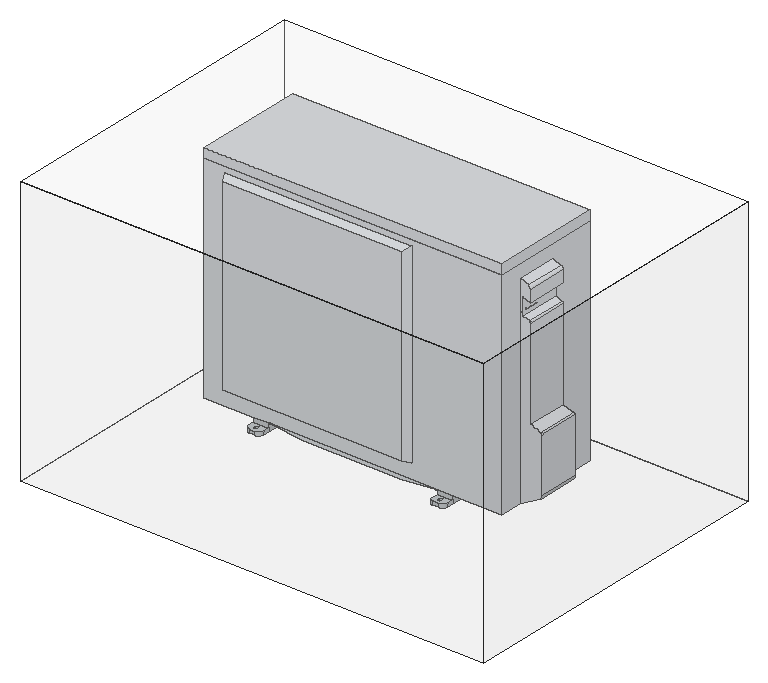
Revit family "puz-zrmp28_63ska16_50hz", category 機械設備, Revit 2023 (continued)
Definition of nested family "PUZ-EZRMP-1"
  Lines and regions (mm)
    model lines, visible <- "タイプ1", detail levels fine
      curve 338: arc (-404.5, -10, 74) -> (-404.5, -11.464, 77.536) -> (-404.5, -15, 79) r 5
      curve 339: arc (-404.5, -15, 59) -> (-404.5, -11.464, 60.464) -> (-404.5, -10, 64) r 5
      curve 340: arc (-404.5, -95, 79) -> (-404.5, -98.536, 77.536) -> (-404.5, -100, 74) r 5
      curve 341: arc (-404.5, -100, 64) -> (-404.5, -98.536, 60.464) -> (-404.5, -95, 59) r 5
    model lines, visible <- "タイプ3", not visible
      curve 342: line (-404.5, -100, 907) -> (-404.5, -60, 907)
      curve 343: line (-404.5, -100, 1097) -> (-404.5, -100, 907)
      curve 344: line (-404.5, -60, 1097) -> (-404.5, -100, 1097)
      curve 345: line (-404.5, -60, 907) -> (-404.5, -60, 1097)
      curve 346: line (-404.5, 60, 907) -> (-404.5, 100, 907)
      curve 347: line (-404.5, 60, 1097) -> (-404.5, 60, 907)
      curve 348: line (-404.5, 100, 1097) -> (-404.5, 60, 1097)
      curve 349: line (-404.5, 100, 907) -> (-404.5, 100, 1097)
      curve 350: line (-404.5, -46.667, 907) -> (-404.5, -6.667, 907)
      curve 351: line (-404.5, -46.667, 1097) -> (-404.5, -46.667, 907)
      curve 352: line (-404.5, -6.667, 1097) -> (-404.5, -46.667, 1097)
      curve 353: line (-404.5, -6.667, 907) -> (-404.5, -6.667, 1097)
      curve 354: line (-404.5, 6.667, 907) -> (-404.5, 46.667, 907)
      curve 355: line (-404.5, 6.667, 1097) -> (-404.5, 6.667, 907)
      curve 356: line (-404.5, 46.667, 1097) -> (-404.5, 6.667, 1097)
      curve 357: line (-404.5, 46.667, 907) -> (-404.5, 46.667, 1097)
      curve 358: line (-404.5, -100, 1112) -> (-404.5, -60, 1112)
      curve 359: line (-404.5, -100, 1302) -> (-404.5, -100, 1112)
      curve 360: line (-404.5, -60, 1302) -> (-404.5, -100, 1302)
      curve 361: line (-404.5, -60, 1112) -> (-404.5, -60, 1302)
      curve 362: line (-404.5, 60, 1112) -> (-404.5, 100, 1112)
      curve 363: line (-404.5, 60, 1302) -> (-404.5, 60, 1112)
      curve 364: line (-404.5, 100, 1302) -> (-404.5, 60, 1302)
      curve 365: line (-404.5, 100, 1112) -> (-404.5, 100, 1302)
      curve 366: line (-404.5, -46.667, 1112) -> (-404.5, -6.667, 1112)
      curve 367: line (-404.5, -46.667, 1302) -> (-404.5, -46.667, 1112)
      curve 368: line (-404.5, -6.667, 1302) -> (-404.5, -46.667, 1302)
      curve 369: line (-404.5, -6.667, 1112) -> (-404.5, -6.667, 1302)
      curve 370: line (-404.5, 6.667, 1112) -> (-404.5, 46.667, 1112)
      curve 371: line (-404.5, 6.667, 1302) -> (-404.5, 6.667, 1112)
      curve 372: line (-404.5, 46.667, 1302) -> (-404.5, 6.667, 1302)
      curve 373: line (-404.5, 46.667, 1112) -> (-404.5, 46.667, 1302)
    model lines, visible <- "タイプ2", not visible
      curve 374: line (-600, -100, 33.5) -> (-600, -60, 33.5)
      curve 375: line (-600, -100, 73.5) -> (-600, -100, 33.5)
      curve 376: line (-600, -60, 73.5) -> (-600, -100, 73.5)
      curve 377: line (-600, -60, 33.5) -> (-600, -60, 73.5)
      curve 378: line (-600, 60, 33.5) -> (-600, 100, 33.5)
      curve 379: line (-600, 60, 73.5) -> (-600, 60, 33.5)
      curve 380: line (-600, 100, 73.5) -> (-600, 60, 73.5)
      curve 381: line (-600, 100, 33.5) -> (-600, 100, 73.5)
      curve 382: line (-509, -46.667, 33.5) -> (-509, -6.667, 33.5)
      curve 383: line (-509, -46.667, 73.5) -> (-509, -46.667, 33.5)
      curve 384: line (-509, -6.667, 73.5) -> (-509, -46.667, 73.5)
      curve 385: line (-509, -6.667, 33.5) -> (-509, -6.667, 73.5)
      curve 386: line (-509, 6.667, 33.5) -> (-509, 46.667, 33.5)
      curve 387: line (-509, 6.667, 73.5) -> (-509, 6.667, 33.5)
      curve 388: line (-509, 46.667, 73.5) -> (-509, 6.667, 73.5)
      curve 389: line (-509, 46.667, 33.5) -> (-509, 46.667, 73.5)
      curve 483: line (-404.5, -100, 33.5) -> (-404.5, -60, 33.5)
      curve 484: line (-404.5, -100, 73.5) -> (-404.5, -100, 33.5)
      curve 485: line (-404.5, -60, 73.5) -> (-404.5, -100, 73.5)
      curve 486: line (-404.5, -60, 33.5) -> (-404.5, -60, 73.5)
      curve 487: line (-404.5, 60, 33.5) -> (-404.5, 100, 33.5)
      curve 488: line (-404.5, 60, 73.5) -> (-404.5, 60, 33.5)
      curve 489: line (-404.5, 100, 73.5) -> (-404.5, 60, 73.5)
      curve 490: line (-404.5, 100, 33.5) -> (-404.5, 100, 73.5)
      curve 491: line (-404.5, -46.667, 33.5) -> (-404.5, -6.667, 33.5)
      curve 492: line (-404.5, -46.667, 73.5) -> (-404.5, -46.667, 33.5)
      curve 493: line (-404.5, -6.667, 73.5) -> (-404.5, -46.667, 73.5)
      curve 494: line (-404.5, -6.667, 33.5) -> (-404.5, -6.667, 73.5)
      curve 495: line (-404.5, 6.667, 33.5) -> (-404.5, 46.667, 33.5)
      curve 496: line (-404.5, 6.667, 73.5) -> (-404.5, 6.667, 33.5)
      curve 497: line (-404.5, 46.667, 73.5) -> (-404.5, 6.667, 73.5)
      curve 498: line (-404.5, 46.667, 33.5) -> (-404.5, 46.667, 73.5)
    model lines, not visible
      curve 390: line (-404.5, -100, 87) -> (-404.5, -60, 87)
      curve 391: line (-404.5, -100, 277) -> (-404.5, -100, 87)
      curve 392: line (-404.5, -60, 277) -> (-404.5, -100, 277)
      curve 393: line (-404.5, -60, 87) -> (-404.5, -60, 277)
      curve 394: line (-404.5, -100, 292) -> (-404.5, -60, 292)
      curve 395: line (-404.5, -100, 482) -> (-404.5, -100, 292)
      curve 396: line (-404.5, -60, 482) -> (-404.5, -100, 482)
      curve 397: line (-404.5, -60, 292) -> (-404.5, -60, 482)
      curve 398: line (-404.5, -100, 497) -> (-404.5, -60, 497)
      curve 399: line (-404.5, -100, 687) -> (-404.5, -100, 497)
      curve 400: line (-404.5, -60, 687) -> (-404.5, -100, 687)
      curve 401: line (-404.5, -60, 497) -> (-404.5, -60, 687)
      curve 402: line (-404.5, -100, 702) -> (-404.5, -60, 702)
      curve 403: line (-404.5, -100, 892) -> (-404.5, -100, 702)
      curve 404: line (-404.5, -60, 892) -> (-404.5, -100, 892)
      curve 405: line (-404.5, -60, 702) -> (-404.5, -60, 892)
      curve 406: line (-404.5, 60, 87) -> (-404.5, 100, 87)
      curve 407: line (-404.5, 60, 277) -> (-404.5, 60, 87)
      curve 408: line (-404.5, 100, 277) -> (-404.5, 60, 277)
      curve 409: line (-404.5, 100, 87) -> (-404.5, 100, 277)
      curve 410: line (-404.5, -46.667, 87) -> (-404.5, -6.667, 87)
      curve 411: line (-404.5, -46.667, 277) -> (-404.5, -46.667, 87)
      curve 412: line (-404.5, -6.667, 277) -> (-404.5, -46.667, 277)
      curve 413: line (-404.5, -6.667, 87) -> (-404.5, -6.667, 277)
      curve 414: line (-404.5, 6.667, 87) -> (-404.5, 46.667, 87)
      curve 415: line (-404.5, 6.667, 277) -> (-404.5, 6.667, 87)
      curve 416: line (-404.5, 46.667, 277) -> (-404.5, 6.667, 277)
      curve 417: line (-404.5, 46.667, 87) -> (-404.5, 46.667, 277)
      curve 418: line (-404.5, 60, 292) -> (-404.5, 100, 292)
      curve 419: line (-404.5, 60, 482) -> (-404.5, 60, 292)
      curve 420: line (-404.5, 100, 482) -> (-404.5, 60, 482)
      curve 421: line (-404.5, 100, 292) -> (-404.5, 100, 482)
      curve 422: line (-404.5, 60, 702) -> (-404.5, 100, 702)
      curve 423: line (-404.5, 60, 892) -> (-404.5, 60, 702)
      curve 424: line (-404.5, 100, 892) -> (-404.5, 60, 892)
      curve 425: line (-404.5, 100, 702) -> (-404.5, 100, 892)
      curve 426: line (-404.5, -46.667, 292) -> (-404.5, -6.667, 292)
      curve 427: line (-404.5, -46.667, 482) -> (-404.5, -46.667, 292)
      curve 428: line (-404.5, -6.667, 482) -> (-404.5, -46.667, 482)
      curve 429: line (-404.5, -6.667, 292) -> (-404.5, -6.667, 482)
      curve 430: line (-404.5, -46.667, 497) -> (-404.5, -6.667, 497)
      curve 431: line (-404.5, -46.667, 687) -> (-404.5, -46.667, 497)
      curve 432: line (-404.5, -6.667, 687) -> (-404.5, -46.667, 687)
      curve 433: line (-404.5, -6.667, 497) -> (-404.5, -6.667, 687)
      curve 434: line (-404.5, -46.667, 702) -> (-404.5, -6.667, 702)
      curve 435: line (-404.5, -46.667, 892) -> (-404.5, -46.667, 702)
      curve 436: line (-404.5, -6.667, 892) -> (-404.5, -46.667, 892)
      curve 437: line (-404.5, -6.667, 702) -> (-404.5, -6.667, 892)
      curve 438: line (-404.5, 6.667, 292) -> (-404.5, 46.667, 292)
      curve 439: line (-404.5, 6.667, 482) -> (-404.5, 6.667, 292)
      curve 440: line (-404.5, 46.667, 482) -> (-404.5, 6.667, 482)
      curve 441: line (-404.5, 46.667, 292) -> (-404.5, 46.667, 482)
      curve 442: line (-404.5, 6.667, 497) -> (-404.5, 46.667, 497)
      curve 443: line (-404.5, 6.667, 687) -> (-404.5, 6.667, 497)
      curve 444: line (-404.5, 46.667, 687) -> (-404.5, 6.667, 687)
      curve 445: line (-404.5, 46.667, 497) -> (-404.5, 46.667, 687)
      curve 446: line (-404.5, 6.667, 702) -> (-404.5, 46.667, 702)
      curve 447: line (-404.5, 6.667, 892) -> (-404.5, 6.667, 702)
      curve 448: line (-404.5, 46.667, 892) -> (-404.5, 6.667, 892)
      curve 449: line (-404.5, 46.667, 702) -> (-404.5, 46.667, 892)
      curve 450: line (-338.5, -173.2, 372.5) -> (149.5, -173.2, 372.5)
      curve 451: line (149.5, -173.2, 277.5) -> (-338.5, -173.2, 277.5)
      curve 452: line (-338.5, -173.2, 467.5) -> (149.5, -173.2, 467.5)
      curve 453: line (-338.5, -173.2, 562.5) -> (149.5, -173.2, 562.5)
      curve 454: line (149.5, -173.2, 182.5) -> (-338.5, -173.2, 182.5)
      curve 455: line (149.5, -173.2, 87.5) -> (-338.5, -173.2, 87.5)
      curve 456: line (-321.071, -173.2, 579) -> (-321.071, -173.2, 71)
      curve 457: line (132.071, -173.2, 71) -> (132.071, -173.2, 579)
      curve 458: line (-303.643, -173.2, 579) -> (-303.643, -173.2, 71)
      curve 459: line (-286.214, -173.2, 579) -> (-286.214, -173.2, 71)
      curve 460: line (-268.786, -173.2, 579) -> (-268.786, -173.2, 71)
      curve 461: line (-251.357, -173.2, 579) -> (-251.357, -173.2, 71)
      curve 462: line (-233.929, -173.2, 579) -> (-233.929, -173.2, 71)
      curve 463: line (-216.5, -173.2, 579) -> (-216.5, -173.2, 71)
      curve 464: line (-199.071, -173.2, 579) -> (-199.071, -173.2, 71)
      curve 465: line (-181.643, -173.2, 579) -> (-181.643, -173.2, 71)
      curve 466: line (-164.214, -173.2, 579) -> (-164.214, -173.2, 71)
      curve 467: line (-146.786, -173.2, 579) -> (-146.786, -173.2, 71)
      curve 468: line (-129.357, -173.2, 579) -> (-129.357, -173.2, 71)
      curve 469: line (-111.929, -173.2, 579) -> (-111.929, -173.2, 71)
      curve 470: line (-94.5, -173.2, 579) -> (-94.5, -173.2, 71)
      curve 471: line (-77.071, -173.2, 579) -> (-77.071, -173.2, 71)
      curve 472: line (-59.643, -173.2, 579) -> (-59.643, -173.2, 71)
      curve 473: line (-42.214, -173.2, 579) -> (-42.214, -173.2, 71)
      curve 474: line (-24.786, -173.2, 579) -> (-24.786, -173.2, 71)
      curve 475: line (-7.357, -173.2, 579) -> (-7.357, -173.2, 71)
      curve 476: line (10.071, -173.2, 579) -> (10.071, -173.2, 71)
      curve 477: line (27.5, -173.2, 579) -> (27.5, -173.2, 71)
      curve 478: line (44.929, -173.2, 579) -> (44.929, -173.2, 71)
      curve 479: line (62.357, -173.2, 579) -> (62.357, -173.2, 71)
      curve 480: line (79.786, -173.2, 579) -> (79.786, -173.2, 71)
      curve 481: line (97.214, -173.2, 579) -> (97.214, -173.2, 71)
      curve 482: line (114.643, -173.2, 579) -> (114.643, -173.2, 71)
    symbolic lines, visible <- "タイプ1"
      curve 499: line (-278.151, 150, 630) -> (-404.5, 150, 630)
      curve 500: line (-404.5, 150, 630) -> (-404.5, -5.599, 630)
      curve 501: line (-404.5, 40, 630) -> (-424.5, 30, 630)
      curve 502: line (-424.5, 30, 630) -> (-424.5, -30, 630)
      curve 503: line (-424.5, -30, 630) -> (-404.5, -40, 630)
      curve 504: line (-404.5, -5.599, 630) -> (-404.5, -150, 630)
      curve 505: line (-404.5, -150, 630) -> (-301.612, -150, 630)
      curve 506: arc (-272.806, -170, 630) -> (-268.124, -177.204, 630) -> (-260, -180, 630) r 13.2
      curve 507: line (-260, -180, 630) -> (-243.332, -180, 630)
      curve 508: arc (-243.332, -180, 630) -> (-235.208, -177.204, 630) -> (-230.526, -170, 630) r 13.2
      curve 509: line (-301.612, -150, 630) -> (280.999, -150, 630)
      curve 510: line (230, -150, 630) -> (230, -170, 630)
      curve 511: arc (230, -170, 630) -> (232.929, -177.071, 630) -> (240, -180, 630) r 10
      curve 512: line (240, -180, 630) -> (256.8, -180, 630)
      curve 513: arc (256.8, -180, 630) -> (266.134, -176.134, 630) -> (270, -166.8, 630) r 13.2
      curve 514: line (270, -166.8, 630) -> (270, -150, 630)
      curve 515: line (280.999, -150, 630) -> (404.5, -150, 630)
      curve 516: line (404.5, -150, 630) -> (404.5, -77.105, 630)
      curve 517: line (404.5, -90, 630) -> (466.5, -90, 630)
      curve 518: line (466.5, -90, 630) -> (466.5, 20, 630)
      curve 519: line (466.5, 20, 630) -> (404.5, 20, 630)
      curve 520: line (404.5, -77.105, 630) -> (404.5, 150, 630)
      curve 521: line (404.5, 150, 630) -> (308.975, 150, 630)
      curve 522: line (270, 150, 630) -> (270, 180, 630)
      curve 523: line (270, 180, 630) -> (230, 180, 630)
      curve 524: line (230, 180, 630) -> (230, 150, 630)
      curve 525: line (308.975, 150, 630) -> (-278.151, 150, 630)
      curve 526: line (-230, 150, 630) -> (-230, 180, 630)
      curve 527: line (-230, 180, 630) -> (-270, 180, 630)
      curve 528: line (-270, 180, 630) -> (-270, 150, 630)
      curve 529: line (-324.5, 100, 630) -> (324.5, 100, 630)
      curve 530: line (-324.5, 40, 630) -> (-324.5, 100, 630)
      curve 531: line (324.5, 40, 630) -> (-324.5, 40, 630)
      curve 532: line (324.5, 100, 630) -> (324.5, 40, 630)
      curve 533: line (324.5, 30, 630) -> (-324.5, 30, 630)
      curve 534: line (324.5, -30, 630) -> (324.5, 30, 630)
      curve 535: line (-324.5, -30, 630) -> (324.5, -30, 630)
      curve 536: line (-324.5, 30, 630) -> (-324.5, -30, 630)
      curve 537: line (-324.5, -40, 630) -> (324.5, -40, 630)
      curve 538: line (-324.5, -100, 630) -> (-324.5, -40, 630)
      curve 539: line (324.5, -100, 630) -> (-324.5, -100, 630)
      curve 540: line (324.5, -40, 630) -> (324.5, -100, 630)
      curve 541: line (339.5, 100, 630) -> (354.5, 100, 630)
      curve 542: line (339.5, -100, 630) -> (339.5, 100, 630)
      curve 543: line (354.5, -100, 630) -> (339.5, -100, 630)
      curve 544: line (354.5, 100, 630) -> (354.5, -100, 630)
      curve 545: line (-354.5, 100, 630) -> (-339.5, 100, 630)
      curve 546: line (-354.5, -100, 630) -> (-354.5, 100, 630)
      curve 547: line (-339.5, -100, 630) -> (-354.5, -100, 630)
      curve 548: line (-339.5, 100, 630) -> (-339.5, -100, 630)
      curve 549: line (-338.5, -170, 630) -> (149.5, -170, 630)
      curve 550: line (149.5, -170, 630) -> (159.5, -150, 630)
      curve 551: line (-348.5, -150, 630) -> (-338.5, -170, 630)
  Dimensions and locks
    equal spacing: plane 8, plane 1 "中心(正面/背面)", plane 7
    "奥行き": plane 8 to plane 7
    equal spacing: plane 5, plane 3 "中心(左/右)", plane 6
    "幅さ": plane 5 to plane 6
    "高さ": plane 4 to level
    locked: plane 6 to plane 9 at 62
    locked: plane 8 to plane 10 at 60
    locked: plane 8 to plane 11 at 170
    locked: plane 4 to plane 12 at 25
    locked: plane 13 to plane 5 at 20
    "吊りボルト-D": plane 17 to plane 16
    equal spacing: plane 17, plane 1 "中心(正面/背面)", plane 16
    equal spacing: plane 14, plane 3 "中心(左/右)", plane 15
    "吊りボルト-W": plane 14 to plane 15
    plane 21 to plane 14 to plane 20 = 20 mm locked, 20 mm locked
    plane 19 to plane 15 to plane 18 = 20 mm locked, 20 mm locked
    locked: plane 16 to plane 22 at 15
    locked: plane 23 to plane 17 at 15
    locked: plane 24 to level at 8.5
    locked: plane 25 to level at 20
    locked: plane 26 to plane 24 at 3
    locked: plane 4 to plane 29 at 5
    plane 7 to plane 1 "中心(正面/背面)" to plane 8 = 150 mm, 150 mm
    plane 31 to plane 1 "中心(正面/背面)" to plane 30 = 40 mm locked, 40 mm locked
    plane 33 to plane 1 "中心(正面/背面)" to plane 32 = 30 mm locked, 30 mm locked
    locked: plane 34 to plane 12 at 5
    locked: plane 35 to level at 55
    locked: plane 36 to level at 225
    equal spacing: plane 6, plane 39, plane 9
    locked: plane 6 to plane 38 at 10
    locked: plane 20 to plane 27 at 95
    locked: plane 28 to plane 19 at 95
    "換気-D": plane 40 to plane 8
    "換気-W": plane 41 to plane 5
    "換気-H1": plane 42 to level
    plane 43 to plane 41 to plane 44 = 254 mm locked, 254 mm locked
    plane 45 to plane 42 to plane 46 = 264 mm locked, 264 mm locked
    locked: plane 43 to plane 48 at 10
    locked: plane 47 to plane 44 at 10
    locked: plane 45 to plane 49 at 10
    locked: plane 50 to plane 46 at 10
    locked: curve 26 to plane 50 at 16.5
    locked: plane 49 to curve 24 at 16.5
    equal spacing: curve 24, curve 23, curve 21, curve 22, curve 25, curve 26
    equal spacing: plane 48, curve 28, curve 53, curve 52, curve 51, curve 50, curve 49, curve 48, curve 47, curve 46, curve 45, curve 44, curve 43, curve 42, curve 41, curve 40, curve 39, curve 38, curve 37, curve 36, curve 35, curve 34, curve 33, curve 32, curve 31, curve 30, curve 29, curve 27, plane 47
    locked: curve 4 to curve 6 at 10
    locked: curve 3 to curve 5 at 10
    locked: plane 51 to plane 7 at 50
    locked: plane 8 to plane 52 at 50
    equal spacing: group 1, group 2, group 3, group 4, group 5, group 6, group 7, group 8, group 9, group 10, group 11, group 12, group 13, group 14, group 15, group 16, group 17, group 18  (x2)
    equal spacing: group 18, group 17, group 16, group 15, group 14, group 13, group 12, group 11, group 10, group 9, group 8, group 7, group 6, group 5, group 4, group 3, group 2, group 1
    "ドレン管径-X": plane 5 to plane 53
    "ドレン管径-Y": plane 8 to plane 54
    "配線取出口-Y": plane 57 to plane 7
    "冷媒液管径-Y": plane 58 to plane 7
    "冷媒ガス管径-Y": plane 59 to plane 7
    "配線取出口-X": plane 3 "中心(左/右)" to plane 56
    "冷媒ガス管径-X": plane 3 "中心(左/右)" to plane 55
    "冷媒液管径-X": plane 3 "中心(左/右)" to plane 60
    "冷媒液管径-Z": plane 62 to level
    "冷媒ガス管径-Z": plane 61 to level
    "配線取出口-Z": plane 63 to level
    locked: plane 57 to plane 64 at 50
    locked: plane 65 to plane 61 at 37.8
    locked: plane 66 to plane 62 at 16.1
    equal spacing: plane 55, plane 67, plane 60
    equal spacing: plane 58, plane 68, plane 59
    "a": plane 69 "グループ" to plane 3 "中心(左/右)"
    plane 71 to level = 943 mm
    plane 70 to level = 1338 mm
    locked: plane 37 to level at 570
    curve 21 to plane 42 to curve 22 = 47.5 mm locked, 47.5 mm locked
    "換気-H2": plane 72 to plane 42
    plane 73 to plane 72 to plane 74 = 264 mm locked, 264 mm locked
    locked: plane 76 to plane 74 at 10
    locked: plane 73 to plane 75 at 10
    plane 48 to plane 47 = 488 mm
    plane 68 to plane 7 = 185.5 mm
    plane 61 to level = 99.5 mm
    plane 65 to plane 61 = 37.8 mm
    plane 62 to level = 164.5 mm
    plane 66 to plane 62 = 16.1 mm
    plane 68 to plane 77 to plane 78 = 23 mm locked, 17.5 mm locked
    plane 68 to plane 77 = 23 mm
    plane 77 to plane 78 = 17.5 mm
    equal spacing: plane 77, plane 79, plane 78
    "ドレン配管サイズ": diameter of Extrusion 3 sketch curve
    "配線取出口サイズ": diameter of Extrusion 9 sketch curve
    "吊りボルト-φ": diameter of Extrusion 10 sketch curve  (x4)
    "冷媒配管サイズ": diameter of Sweep 11 sketch curve
    "ガス配管サイズ": diameter of Sweep 12 sketch curve
    aligned and locked: level to plane 2
    aligned and locked: Extrusion 1 to level
    aligned and locked: plane 25 to Extrusion 1
    aligned and locked: Extrusion 2 sketch curve to plane 25
    aligned and locked: Extrusion 2 sketch curve to plane 26
    aligned and locked: Extrusion 2 to plane 7
    aligned and locked: plane 8 to Extrusion 2
    aligned and locked: Extrusion 3 to plane 26
    aligned and locked: Extrusion 3 to plane 24
    aligned and locked: Extrusion 4 sketch curve to plane 7
    aligned and locked: Extrusion 4 sketch curve to plane 8
    aligned and locked: Extrusion 4 sketch curve to plane 5
    aligned and locked: Extrusion 4 sketch curve to plane 6
    aligned and locked: Extrusion 4 to plane 25
    aligned and locked: plane 12 to Extrusion 4
    aligned and locked: Extrusion 5 sketch curve to Extrusion 4  (x4)
    aligned and locked: Extrusion 5 to plane 12
    aligned and locked: plane 4 to Extrusion 5
    aligned and locked: plane 29 to Blend 6 sketch curve
    aligned and locked: Blend 6 sketch curve to plane 31
    aligned and locked: Blend 6 sketch curve to plane 12  (x2)
    aligned and locked: plane 30 to Blend 6 sketch curve
    aligned and locked: plane 34 to Blend 6 sketch curve
    aligned and locked: Blend 6 sketch curve to plane 33
    aligned and locked: plane 32 to Blend 6 sketch curve
    aligned and locked: Blend 6 to plane 13
    aligned and locked: plane 5 to Blend 6
    aligned and locked: Extrusion 7 sketch curve to plane 6
    aligned and locked: Extrusion 7 sketch curve to plane 9
    aligned and locked: Extrusion 7 sketch curve to plane 39
    aligned and locked: Extrusion 7 sketch curve to Extrusion 7 sketch curve
    aligned and locked: Extrusion 7 sketch curve to plane 38
    aligned and locked: Extrusion 7 to plane 11
    aligned and locked: plane 10 to Extrusion 7
    aligned and locked: Blend 8 sketch curve to plane 45
    aligned and locked: Blend 8 sketch curve to plane 46
    aligned and locked: Blend 8 sketch curve to plane 44
    aligned and locked: Blend 8 sketch curve to plane 43
    aligned and locked: Blend 8 sketch curve to plane 49
    aligned and locked: Blend 8 sketch curve to plane 47
    aligned and locked: Blend 8 sketch curve to plane 48
    aligned and locked: Blend 8 sketch curve to plane 50
    aligned and locked: Blend 8 to plane 8
    aligned and locked: plane 40 to Blend 8
    aligned and locked: curve 17 to plane 51
    aligned and locked: curve 1 to plane 51
    aligned and locked: plane 51 to curve 19
    aligned and locked: curve 18 to plane 52
    aligned and locked: plane 52 to curve 2
    aligned and locked: plane 52 to curve 20
    aligned and locked: plane 53 to Extrusion 3 sketch curve
    aligned and locked: plane 54 to Extrusion 3 sketch curve
    aligned and locked: plane 63 to Extrusion 9 sketch curve
    aligned and locked: plane 56 to Extrusion 9 sketch curve
    aligned and locked: plane 57 to Extrusion 9
    aligned and locked: Extrusion 9 to plane 64
    aligned and locked: plane 22 to Extrusion 10 sketch curve  (x4)
    aligned and locked: plane 21 to Extrusion 10 sketch curve
    aligned and locked: Extrusion 2 to Extrusion 10 sketch curve  (x2)
    aligned and locked: Extrusion 10 sketch curve to Extrusion 1  (x6)
    aligned and locked: plane 19 to Extrusion 10 sketch curve
    aligned and locked: Extrusion 10 sketch curve to plane 23  (x2)
    aligned and locked: Extrusion 10 sketch curve to plane 18
    aligned and locked: Extrusion 10 sketch curve to plane 20
    aligned and locked: plane 16 to Extrusion 10 sketch curve  (x2)
    aligned and locked: plane 14 to Extrusion 10 sketch curve  (x2)
    aligned and locked: plane 17 to Extrusion 10 sketch curve  (x2)
    aligned and locked: plane 15 to Extrusion 10 sketch curve  (x2)
    aligned and locked: level to Extrusion 10
    aligned and locked: plane 24 to Extrusion 10
    aligned and locked: Masking region 1 sketch curve to Extrusion 5  (x4)
    aligned and locked: Masking region 1 sketch curve to Blend 6  (x3)
    aligned and locked: Masking region 1 sketch curve to Extrusion 7  (x2)
    aligned and locked: Masking region 1 sketch curve to plane 9
    aligned and locked: Masking region 1 sketch curve to Extrusion 10  (x8)
    aligned and locked: Masking region 1 to curve 499
    aligned and locked: curve 500 to Masking region 1
    aligned and locked: curve 501 to Masking region 1
    aligned and locked: curve 502 to Masking region 1
    aligned and locked: curve 503 to Masking region 1
    aligned and locked: curve 504 to Masking region 1
    aligned and locked: curve 505 to Masking region 1
    aligned and locked: curve 506 to Masking region 1
    aligned and locked: curve 508 to Masking region 1
    aligned and locked: curve 510 to Masking region 1
    aligned and locked: curve 511 to Masking region 1
    aligned and locked: curve 513 to Masking region 1
    aligned and locked: Masking region 1 to curve 515
    aligned and locked: curve 516 to Masking region 1
    aligned and locked: curve 517 to Masking region 1
    aligned and locked: curve 518 to Masking region 1
    aligned and locked: curve 519 to Masking region 1
    aligned and locked: curve 520 to Masking region 1
    aligned and locked: curve 521 to Masking region 1
    aligned and locked: curve 522 to Masking region 1
    aligned and locked: curve 523 to Masking region 1
    aligned and locked: curve 524 to Masking region 1
    aligned and locked: curve 525 to Masking region 1
    aligned and locked: curve 526 to Masking region 1
    aligned and locked: curve 527 to Masking region 1
    aligned and locked: curve 528 to Masking region 1
    aligned and locked: curve 532 to curve 12
    aligned and locked: Masking region 1 sketch curve to curve 21
    aligned and locked: Masking region 1 sketch curve to Blend 8  (x2)
    aligned and locked: curve 549 to Blend 8
    aligned and locked: curve 550 to Blend 8
    aligned and locked: curve 551 to Blend 8
    aligned and locked: plane 78 to Sweep 12 sketch curve
    aligned and locked: plane 58 to Sweep 12 sketch curve
    aligned and locked: plane 77 to Sweep 11 sketch curve
    aligned and locked: plane 58 to Sweep 11 sketch curve
    aligned and locked: plane 61 to Sweep 12 sketch curve
  Automatic sketch dimensions
    Extrusion 2 sketch curve to plane 20 = 0 mm
    Extrusion 2 sketch curve to plane 27 = 0 mm
    Extrusion 2 sketch curve to plane 28 = 0 mm
    Extrusion 2 sketch curve to plane 19 = 0 mm
    Extrusion 7 sketch curve to plane 39 = 0 mm
    Extrusion 7 sketch curve to plane 25 = 0 mm
    Extrusion 7 sketch curve to plane 36 = 0 mm
    Extrusion 7 sketch curve to plane 37 = 0 mm
    Extrusion 7 sketch curve to Extrusion 7 sketch curve = 10 mm
    Extrusion 7 sketch curve to plane 39 = 6.58 mm
    Extrusion 7 sketch curve to Extrusion 7 sketch curve = 5 mm  (x2)
    plane 39 to Extrusion 7 sketch curve = 21 mm
    Extrusion 7 sketch curve to plane 39 = 3.29 mm
    Extrusion 7 sketch curve to plane 9 = 3.29 mm
    Extrusion 7 sketch curve to plane 35 = 2.87 mm
    Extrusion 7 sketch curve to Extrusion 7 sketch curve = 81.633 mm
    Extrusion 7 sketch curve to Extrusion 7 sketch curve = 30.244 mm
    Extrusion 7 sketch curve to Extrusion 7 sketch curve = 7.643 mm
    plane 7 to Extrusion 1 sketch curve = 0 mm  (x2)
    Extrusion 1 sketch curve to plane 18 = 0 mm
    plane 8 to Extrusion 1 sketch curve = 0 mm  (x2)
    Extrusion 1 sketch curve to plane 19 = 0 mm
    Extrusion 1 sketch curve to plane 20 = 0 mm
    Extrusion 1 sketch curve to plane 21 = 0 mm
    curve 383 to curve 384 = 40 mm
    curve 382 to curve 386 = 13.333 mm
    curve 386 to curve 386 = 40 mm
    curve 382 to curve 389 = 0 mm
    curve 382 to curve 384 = 40 mm
    curve 384 to curve 387 = 0 mm
    curve 375 to curve 376 = 40 mm
    curve 374 to curve 378 = 120 mm
    curve 378 to curve 378 = 40 mm
    curve 374 to curve 381 = 0 mm
    curve 374 to curve 376 = 40 mm
    curve 378 to curve 379 = 40 mm
    curve 25 to plane 47 = 0 mm
    curve 24 to plane 47 = 0 mm
    curve 22 to plane 47 = 0 mm
    curve 23 to plane 47 = 0 mm
    curve 26 to plane 47 = 0 mm
    curve 21 to plane 47 = 0 mm
    curve 24 to plane 48 = 0 mm
    curve 25 to plane 48 = 0 mm
    curve 26 to plane 48 = 0 mm
    curve 23 to plane 48 = 0 mm
    curve 22 to plane 48 = 0 mm
    curve 21 to plane 48 = 0 mm
    curve 37 to plane 50 = 0 mm
    curve 52 to plane 50 = 0 mm
    curve 51 to plane 50 = 0 mm
    curve 50 to plane 50 = 0 mm
    curve 49 to plane 50 = 0 mm
    curve 48 to plane 50 = 0 mm
    curve 47 to plane 50 = 0 mm
    curve 46 to plane 50 = 0 mm
    curve 45 to plane 50 = 0 mm
    curve 44 to plane 50 = 0 mm
    curve 43 to plane 50 = 0 mm
    curve 42 to plane 50 = 0 mm
    curve 41 to plane 50 = 0 mm
    curve 27 to plane 50 = 0 mm
    curve 28 to plane 50 = 0 mm
    curve 40 to plane 50 = 0 mm
    curve 39 to plane 50 = 0 mm
    curve 29 to plane 50 = 0 mm
    curve 38 to plane 50 = 0 mm
    curve 30 to plane 50 = 0 mm
    curve 53 to plane 50 = 0 mm
    curve 31 to plane 50 = 0 mm
    curve 36 to plane 50 = 0 mm
    curve 32 to plane 50 = 0 mm
    curve 35 to plane 50 = 0 mm
    curve 33 to plane 50 = 0 mm
    curve 34 to plane 50 = 0 mm
    curve 28 to plane 49 = 0 mm
    curve 41 to plane 49 = 0 mm
    curve 27 to plane 49 = 0 mm
    curve 42 to plane 49 = 0 mm
    curve 31 to plane 49 = 0 mm
    curve 40 to plane 49 = 0 mm
    curve 37 to plane 49 = 0 mm
    curve 39 to plane 49 = 0 mm
    curve 32 to plane 49 = 0 mm
    curve 45 to plane 49 = 0 mm
    curve 36 to plane 49 = 0 mm
    curve 46 to plane 49 = 0 mm
    curve 43 to plane 49 = 0 mm
    curve 47 to plane 49 = 0 mm
    curve 29 to plane 49 = 0 mm
    curve 48 to plane 49 = 0 mm
    curve 30 to plane 49 = 0 mm
    curve 49 to plane 49 = 0 mm
    curve 44 to plane 49 = 0 mm
    curve 50 to plane 49 = 0 mm
    curve 33 to plane 49 = 0 mm
    curve 51 to plane 49 = 0 mm
    curve 35 to plane 49 = 0 mm
    curve 52 to plane 49 = 0 mm
    curve 38 to plane 49 = 0 mm
    curve 53 to plane 49 = 0 mm
    curve 34 to plane 49 = 0 mm
    Masking region 1 sketch curve to plane 5 = 0 mm
    Masking region 1 sketch curve to plane 6 = 0 mm
    plane 7 to Masking region 1 sketch curve = 0 mm  (x2)
    Masking region 1 sketch curve to plane 15 = 10 mm
    Masking region 1 sketch curve to plane 19 = 0 mm
    plane 8 to Masking region 1 sketch curve = 0 mm  (x2)
    plane 32 to curve 535 = 0 mm
    plane 33 to curve 534 = 0 mm
    curve 541 to plane 56 = 45.5 mm
    curve 13 to curve 20 = 15 mm
    plane 18 to curve 535 = 54.5 mm
    curve 532 to curve 6 = 0 mm
    curve 537 to curve 5 = 0 mm
    plane 47 to curve 536 = 14 mm
    plane 47 to curve 538 = 14 mm
    plane 47 to curve 1 = 14 mm
    curve 16 to plane 47 = 1 mm
    curve 15 to plane 44 = 6 mm
    plane 1 "中心(正面/背面)" to curve 504 = 5.599 mm
    curve 528 to curve 499 = 8.151 mm
    curve 521 to curve 522 = 38.975 mm
    curve 516 to plane 10 = 12.895 mm
    curve 515 to curve 514 = 10.999 mm
    plane 40 to Masking region 1 sketch curve = 0 mm
    Masking region 1 sketch curve to plane 40 = 3.2 mm  (x2)
    Masking region 1 sketch curve to plane 14 = 10 mm
    Masking region 1 sketch curve to plane 20 = 0.526 mm
    curve 509 to plane 21 = 31.612 mm
    Sweep 12 sketch curve to plane 65 = 0 mm
    Sweep 11 sketch curve to plane 62 = 0 mm
    Sweep 11 sketch curve to plane 66 = 0 mm
    plane 40 to Extrusion 10 sketch curve = 0 mm
    plane 17 to Extrusion 10 sketch curve = 0 mm  (x2)
    Extrusion 10 sketch curve to Extrusion 10 sketch curve = 1.8 mm  (x3)
    plane 17 to Extrusion 10 sketch curve = 1.8 mm  (x2)
    Extrusion 10 sketch curve to Extrusion 10 sketch curve = 0 mm
    Sweep 11 sketch curve to plane 67 = 0 mm
    Sweep 11 sketch curve to profile plane = 0 mm
    Sweep 12 sketch curve to plane 67 = 0 mm
    Sweep 12 sketch curve to profile plane = 0 mm
Definition of nested family "固定点"
  Parameters (values of type "固定点")
    Default Elevation = 0 mm
    中心円 = if(W > 599 mm, 12 mm, 10 mm)  # 12 mm
    W = 1000 mm
    D = 1000 mm
  Reference planes
    plane 1 "中心(正面/背面)": y = 0
    plane 2: z = 0
    plane 3 "中心(左/右)": x = 0
    plane 4: x = 1000
    plane 5: y = 1000
  Lines and regions (mm)
    symbolic lines, detail levels fine
      curve 1: circle (0, 1000, 0) r 6 normal (0, 0, 1)
      curve 2: circle (0, 0, 0) r 6 normal (0, 0, 1)
      curve 3: circle (1000, 1000, 0) r 6 normal (0, 0, 1)
      curve 4: circle (1000, 0, 0) r 6 normal (0, 0, 1)
      curve 5: line (-200, 1000, 0) -> (1200, 1000, 0)
      curve 6: line (-200, 0, 0) -> (1200, 0, 0)
      curve 7: line (0, 1200, 0) -> (0, -200, 0)
      curve 8: line (1000, 1200, 0) -> (1000, -200, 0)
  Dimensions and locks
    "W": plane 3 "中心(左/右)" to plane 4
    "D": plane 1 "中心(正面/背面)" to plane 5
    "中心円": diameter of curve 1
    "中心円": diameter of curve 2
    "中心円": diameter of curve 3
    "中心円": diameter of curve 4
    aligned and locked: level to plane 2
    aligned and locked: plane 5 to curve 1
    aligned and locked: plane 3 "中心(左/右)" to curve 1
    aligned and locked: plane 3 "中心(左/右)" to curve 2
    aligned and locked: plane 1 "中心(正面/背面)" to curve 2
    aligned and locked: plane 4 to curve 3
    aligned and locked: plane 5 to curve 3
    aligned and locked: plane 1 "中心(正面/背面)" to curve 4
    aligned and locked: plane 4 to curve 4
    aligned and locked: plane 1 "中心(正面/背面)" to curve 6
    aligned and locked: curve 7 to plane 3 "中心(左/右)"
    aligned and locked: curve 8 to plane 4
  Automatic sketch dimensions
    curve 5 to plane 5 = 0 mm
    curve 6 to plane 3 "中心(左/右)" = 200 mm
    curve 5 to plane 3 "中心(左/右)" = 200 mm
    curve 4 to curve 6 = 200 mm
    curve 3 to curve 5 = 200 mm
    plane 1 "中心(正面/背面)" to curve 8 = 200 mm
    plane 1 "中心(正面/背面)" to curve 7 = 200 mm
    curve 3 to curve 8 = 200 mm
    curve 1 to curve 7 = 200 mm
Types (36, lengths in mm): name | 風量_冷房 (㎥/min) | 風量 | 音響パワーレベル_冷房 (dB) | 音響パワーレベル_暖房 (dB) | 音響パワーレベル(dB) | 電動機出力_圧縮機 | 質量 | 製品質量 | 相 | 本体マテリアル | 最小電線太さ_mm2 | 暖房能力 | 推奨ブレーカー容量 | 冷房能力 | モデル | URL
  PUZ-ZRMP28KA16 | 38 | 2280.0 m³/h | 64 | 66 | 66 | 0.5 kW | 43.20 kg | 36.00 kg | 3 | none | 2 | 2.8 kW | 15 A | 2.5 kW | "PUZ-ZRMP28KA16" | "https://www.mitsubishielectric.co.jp/ldg/wink/qr/002/364639"
  PUZ-ZRMP40SKA16 | 45 | 2700.0 m³/h | 64 | 66 | 66 | 0.6 kW | 51.60 kg | 43.00 kg | 1 | none | 3.5 | 4 kW | 20 A | 3.6 kW | "PUZ-ZRMP40SKA16" | "https://www.mitsubishielectric.co.jp/ldg/wink/qr/002/364646"
  PUZ-ZRMP40KA16 | 45 | 2700.0 m³/h | 64 | 66 | 66 | 0.6 kW | 49.20 kg | 41.00 kg | 3 | Galvanized steel plate | 2 | 4 kW | 15 A | 3.6 kW | "PUZ-ZRMP40KA16" | "https://www.mitsubishielectric.co.jp/ldg/wink/qr/002/364645"
  PUZ-ZRMP45SKA16 | 45 | 2700.0 m³/h | 64 | 66 | 66 | 0.7 kW | 51.60 kg | 43.00 kg | 1 | none | 3.5 | 4.5 kW | 20 A | 4 kW | "PUZ-ZRMP45SKA16" | "https://www.mitsubishielectric.co.jp/ldg/wink/qr/002/364652"
  PUZ-ZRMP45KA16 | 45 | 2700.0 m³/h | 64 | 66 | 66 | 0.7 kW | 49.20 kg | 41.00 kg | 3 | none | 2 | 4.5 kW | 15 A | 4 kW | "PUZ-ZRMP45KA16" | "https://www.mitsubishielectric.co.jp/ldg/wink/qr/002/364651"
  PUZ-ZRMP50SKA16 | 45 | 2700.0 m³/h | 65 | 67 | 67 | 0.8 kW | 51.60 kg | 43.00 kg | 1 | none | 3.5 | 5 kW | 20 A | 4.5 kW | "PUZ-ZRMP50SKA16" | "https://www.mitsubishielectric.co.jp/ldg/wink/qr/002/364658"
  PUZ-ZRMP50KA16 | 45 | 2700.0 m³/h | 65 | 67 | 67 | 0.8 kW | 49.20 kg | 41.00 kg | 3 | none | 2 | 5 kW | 15 A | 4.5 kW | "PUZ-ZRMP50KA16" | "https://www.mitsubishielectric.co.jp/ldg/wink/qr/002/364657"
  PUZ-ZRMP56SKA16 | 45 | 2700.0 m³/h | 65 | 67 | 67 | 0.9 kW | 51.60 kg | 43.00 kg | 1 | none | 3.5 | 5.6 kW | 20 A | 5 kW | "PUZ-ZRMP56SKA16" | "https://www.mitsubishielectric.co.jp/ldg/wink/qr/002/364662"
  PUZ-ZRMP56KA16-BS | 45 | 2700.0 m³/h | 65 | 67 | 67 | 0.9 kW | 49.20 kg | 41.00 kg | 3 | none | 2 | 5.6 kW | 15 A | 5 kW | "PUZ-ZRMP56KA16-BS" | "https://www.mitsubishielectric.co.jp/ldg/wink/qr/002/364663"
  PUZ-ZRMP63SKA16 | 45 | 2700.0 m³/h | 65 | 67 | 67 | 1.2 kW | 51.60 kg | 43.00 kg | 1 | none | 3.5 | 6.3 kW | 30 A | 5.6 kW | "PUZ-ZRMP63SKA16" | "https://www.mitsubishielectric.co.jp/ldg/wink/qr/002/364668"
  PUZ-ZRMP63KA16 | 45 | 2700.0 m³/h | 65 | 67 | 67 | 1.2 kW | 50.40 kg | 42.00 kg | 3 | none | 2 | 6.3 kW | 15 A | 5.6 kW | "PUZ-ZRMP63KA16" | "https://www.mitsubishielectric.co.jp/ldg/wink/qr/002/364667"
  PUZ-ZRMP28KA16-BS | 38 | 2280.0 m³/h | 64 | 66 | 66 | 0.5 kW | 43.20 kg | 36.00 kg | 3 | none | 2 | 2.8 kW | 15 A | 2.5 kW | "PUZ-ZRMP28KA16-BS" | "https://www.mitsubishielectric.co.jp/ldg/wink/qr/002/364641"
  PUZ-ZRMP28KA16-BSG | 38 | 2280.0 m³/h | 64 | 66 | 66 | 0.5 kW | 43.20 kg | 36.00 kg | 3 | none | 2 | 2.8 kW | 15 A | 2.5 kW | "PUZ-ZRMP28KA16-BSG" | "https://www.mitsubishielectric.co.jp/ldg/wink/qr/002/364642"
  PUZ-ZRMP28SKA16-BS | 38 | 2280.0 m³/h | 64 | 66 | 66 | 0.5 kW | 44.40 kg | 37.00 kg | 1 | none | 3.5 | 2.8 kW | 20 A | 2.5 kW | "PUZ-ZRMP28SKA16-BS" | "https://www.mitsubishielectric.co.jp/ldg/wink/qr/002/364643"
  PUZ-ZRMP28SKA16-BSG | 38 | 2280.0 m³/h | 64 | 66 | 66 | 0.5 kW | 44.40 kg | 37.00 kg | 1 | none | 3.5 | 2.8 kW | 20 A | 2.5 kW | "PUZ-ZRMP28SKA16-BSG" | "https://www.mitsubishielectric.co.jp/ldg/wink/qr/002/364644"
  PUZ-ZRMP40KA16-BS | 45 | 2700.0 m³/h | 64 | 66 | 66 | 0.6 kW | 49.20 kg | 41.00 kg | 3 | none | 2 | 4 kW | 15 A | 3.6 kW | "PUZ-ZRMP40KA16-BS" | "https://www.mitsubishielectric.co.jp/ldg/wink/qr/002/364647"
  PUZ-ZRMP40KA16-BSG | 45 | 2700.0 m³/h | 64 | 66 | 66 | 0.6 kW | 49.20 kg | 41.00 kg | 3 | none | 2 | 4 kW | 15 A | 3.6 kW | "PUZ-ZRMP40KA16-BSG" | "https://www.mitsubishielectric.co.jp/ldg/wink/qr/002/364648"
  PUZ-ZRMP40SKA16-BS | 45 | 2700.0 m³/h | 64 | 66 | 66 | 0.6 kW | 51.60 kg | 43.00 kg | 1 | none | 3.5 | 4 kW | 20 A | 3.6 kW | "PUZ-ZRMP40SKA16-BS" | "https://www.mitsubishielectric.co.jp/ldg/wink/qr/002/364649"
  PUZ-ZRMP40SKA16-BSG | 45 | 2700.0 m³/h | 64 | 66 | 66 | 0.6 kW | 51.60 kg | 43.00 kg | 1 | none | 3.5 | 4 kW | 20 A | 3.6 kW | "PUZ-ZRMP40SKA16-BSG" | "https://www.mitsubishielectric.co.jp/ldg/wink/qr/002/364650"
  PUZ-ZRMP45KA16-BS | 45 | 2700.0 m³/h | 64 | 66 | 66 | 0.7 kW | 49.20 kg | 41.00 kg | 3 | none | 2 | 4.5 kW | 15 A | 4 kW | "PUZ-ZRMP45KA16-BS" | "https://www.mitsubishielectric.co.jp/ldg/wink/qr/002/364653"
  PUZ-ZRMP45KA16-BSG | 45 | 2700.0 m³/h | 64 | 66 | 66 | 0.7 kW | 49.20 kg | 41.00 kg | 3 | none | 2 | 4.5 kW | 15 A | 4 kW | "PUZ-ZRMP45KA16-BSG" | "https://www.mitsubishielectric.co.jp/ldg/wink/qr/002/364654"
  PUZ-ZRMP45SKA16-BS | 45 | 2700.0 m³/h | 64 | 66 | 66 | 0.7 kW | 51.60 kg | 43.00 kg | 1 | none | 3.5 | 4.5 kW | 20 A | 4 kW | "PUZ-ZRMP45SKA16-BS" | "https://www.mitsubishielectric.co.jp/ldg/wink/qr/002/364655"
  PUZ-ZRMP45SKA16-BSG | 45 | 2700.0 m³/h | 64 | 66 | 66 | 0.7 kW | 51.60 kg | 43.00 kg | 1 | none | 3.5 | 4.5 kW | 20 A | 4 kW | "PUZ-ZRMP45SKA16-BSG" | "https://www.mitsubishielectric.co.jp/ldg/wink/qr/002/364656"
  PUZ-ZRMP50KA16-BS | 45 | 2700.0 m³/h | 65 | 67 | 67 | 0.8 kW | 49.20 kg | 41.00 kg | 3 | none | 2 | 5 kW | 15 A | 4.5 kW | "PUZ-ZRMP50KA16-BS" | "https://www.mitsubishielectric.co.jp/ldg/wink/qr/002/364705"
  PUZ-ZRMP50KA16-BSG | 45 | 2700.0 m³/h | 65 | 67 | 67 | 0.8 kW | 49.20 kg | 41.00 kg | 3 | none | 2 | 5 kW | 15 A | 4.5 kW | "PUZ-ZRMP50KA16-BSG" | "https://www.mitsubishielectric.co.jp/ldg/wink/qr/002/364659"
  PUZ-ZRMP50SKA16-BS | 45 | 2700.0 m³/h | 65 | 67 | 67 | 0.8 kW | 51.60 kg | 43.00 kg | 1 | none | 3.5 | 5 kW | 20 A | 4.5 kW | "PUZ-ZRMP50SKA16-BS" | "https://www.mitsubishielectric.co.jp/ldg/wink/qr/002/364660"
  PUZ-ZRMP50SKA16-BSG | 45 | 2700.0 m³/h | 65 | 67 | 67 | 0.8 kW | 51.60 kg | 43.00 kg | 1 | none | 3.5 | 5 kW | 20 A | 4.5 kW | "PUZ-ZRMP50SKA16-BSG" | "https://www.mitsubishielectric.co.jp/ldg/wink/qr/002/364661"
  PUZ-ZRMP56KA16-BSG | 45 | 2700.0 m³/h | 65 | 67 | 67 | 0.9 kW | 49.20 kg | 41.00 kg | 3 | none | 2 | 5.6 kW | 15 A | 5 kW | "PUZ-ZRMP56KA16-BSG" | "https://www.mitsubishielectric.co.jp/ldg/wink/qr/002/364664"
  PUZ-ZRMP56SKA16-BS | 45 | 2700.0 m³/h | 65 | 67 | 67 | 0.9 kW | 51.60 kg | 43.00 kg | 1 | none | 3.5 | 5.6 kW | 20 A | 5 kW | "PUZ-ZRMP56SKA16-BS" | "https://www.mitsubishielectric.co.jp/ldg/wink/qr/002/364665"
  PUZ-ZRMP56SKA16-BSG | 45 | 2700.0 m³/h | 65 | 67 | 67 | 0.9 kW | 51.60 kg | 43.00 kg | 1 | none | 3.5 | 5.6 kW | 20 A | 5 kW | "PUZ-ZRMP56SKA16-BSG" | "https://www.mitsubishielectric.co.jp/ldg/wink/qr/002/364666"
  PUZ-ZRMP56KA16 | 45 | 2700.0 m³/h | 65 | 67 | 67 | 0.9 kW | 49.20 kg | 41.00 kg | 3 | none | 2 | 5.6 kW | 15 A | 5 kW | "PUZ-ZRMP56KA16" | "https://www.mitsubishielectric.co.jp/ldg/wink/qr/002/364710"
  PUZ-ZRMP63KA16-BS | 45 | 2700.0 m³/h | 65 | 67 | 67 | 1.2 kW | 50.40 kg | 42.00 kg | 3 | none | 2 | 6.3 kW | 15 A | 5.6 kW | "PUZ-ZRMP63KA16-BS" | "https://www.mitsubishielectric.co.jp/ldg/wink/qr/002/364669"
  PUZ-ZRMP63KA16-BSG | 45 | 2700.0 m³/h | 65 | 67 | 67 | 1.2 kW | 50.40 kg | 42.00 kg | 3 | none | 2 | 6.3 kW | 15 A | 5.6 kW | "PUZ-ZRMP63KA16-BSG" | "https://www.mitsubishielectric.co.jp/ldg/wink/qr/002/364670"
  PUZ-ZRMP63SKA16-BS | 45 | 2700.0 m³/h | 65 | 67 | 67 | 1.2 kW | 51.60 kg | 43.00 kg | 1 | none | 3.5 | 6.3 kW | 30 A | 5.6 kW | "PUZ-ZRMP63SKA16-BS" | "https://www.mitsubishielectric.co.jp/ldg/wink/qr/002/364671"
  PUZ-ZRMP63SKA16-BSG | 45 | 2700.0 m³/h | 65 | 67 | 67 | 1.2 kW | 51.60 kg | 43.00 kg | 1 | none | 3.5 | 6.3 kW | 30 A | 5.6 kW | "PUZ-ZRMP63SKA16-BSG" | "https://www.mitsubishielectric.co.jp/ldg/wink/qr/002/364672"
  PUZ-ZRMP28SKA16 | 38 | 2280.0 m³/h | 64 | 66 | 66 | 0.5 kW | 44.40 kg | 37.00 kg | 1 | none | 3.5 | 2.8 kW | 20 A | 2.5 kW | "PUZ-ZRMP28SKA16" | "https://www.mitsubishielectric.co.jp/ldg/wink/qr/002/364640"
